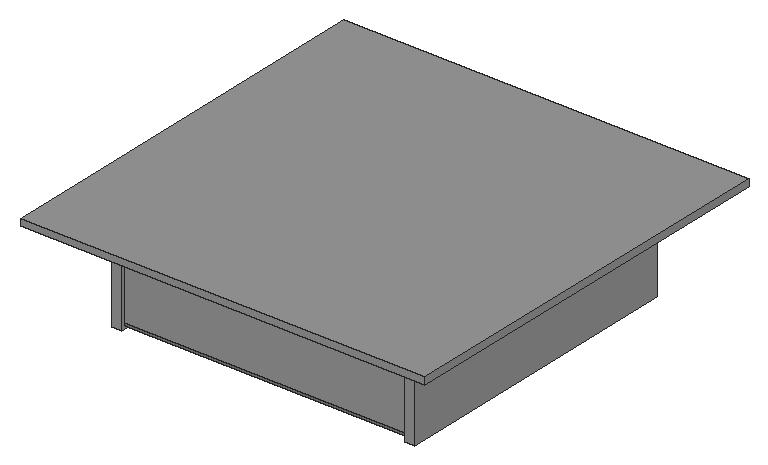
Revit family "Berica 2.0 M", category Lighting Fixtures, Revit 2020 (continued)
Definition of nested family "Light Source Berica 2.0"
  Types (4, lengths in mm): name | Photometric Web File | built-in parameter 1150142
    K 57°x90° | "BERICA 2.0 K 57°x90° [3000K 8W 230Vac].IES" | "IESNA:LM-63-2002\r\n[TEST] 20201109-1027\r\n[TESTLAB] L&L\r\n[TESTDATE] 9 Nov 2020\r\n[ISSUEDATE] 9 Nov 2020\r\n[MANUFAC] L&L\r\n[LUMCAT] BERICA 2.0 K 57°x90° [3000K 8W 230Vac]\r\n[LUMINAIRE] BERICA 2.0 K 57°x90° [3000K 8W 230Vac]\r\n[FLASHAREA] 0.000363\r\n[LAMPCAT] Midpower LED\r\n[LAMP] Midpower LED\r\nTILT=NONE\r\n16 39.44 1.0 181 73 1 2 0.020 0.075 0.000\r\n1.00 1.00 8.00\r\n0.00 1.00 2.00 3.00 4.00 5.00 6.00 7.00 8.00 9.00 10.00 \r\n11.00 12.00 13.00 14.00 15.00 16.00 17.00 18.00 19.00 \r\n20.00 21.00 22.00 23.00 24.00 25.00 26.00 27.00 28.00 \r\n29.00 30.00 31.00 32.00 33.00 34.00 35.00 36.00 37.00 \r\n38.00 39.00 40.00 41.00 42.00 43.00 44.00 45.00 46.00 \r\n47.00 48.00 49.00 50.00 51.00 52.00 53.00 54.00 55.00 \r\n56.00 57.00 58.00 59.00 60.00 61.00 62.00 63.00 64.00 \r\n65.00 66.00 67.00 68.00 69.00 70.00 71.00 72.00 73.00 \r\n74.00 75.00 76.00 77.00 78.00 79.00 80.00 81.00 82.00 \r\n83.00 84.00 85.00 86.00 87.00 88.00 89.00 90.00 91.00 \r\n92.00 93.00 94.00 95.00 96.00 97.00 98.00 99.00 100.00 \r\n101.00 102.00 103.00 104.00 105.00 106.00 107.00 108.00 \r\n109.00 110.00 111.00 112.00 113.00 114.00 115.00 116.00 \r\n117.00 118.00 119.00 120.00 121.00 122.00 123.00 124.00 \r\n125.00 126.00 127.00 128.00 129.00 130.00 131.00 132.00 \r\n133.00 134.00 135.00 136.00 137.00 138.00 139.00 140.00 \r\n141.00 142.00 143.00 144.00 145.00 146.00 147.00 148.00 \r\n149.00 150.00 151.00 152.00 153.00 154.00 155.00 156.00 \r\n157.00 158.00 159.00 160.00 161.00 162.00 163.00 164.00 \r\n165.00 166.00 167.00 168.00 169.00 170.00 171.00 172.00 \r\n173.00 174.00 175.00 176.00 177.00 178.00 179.00 180.00 \r\n0.00 5.00 10.00 15.00 20.00 25.00 30.00 35.00 40.00 45.00 \r\n50.00 55.00 60.00 65.00 70.00 75.00 80.00 85.00 90.00 \r\n95.00 100.00 105.00 110.00 115.00 120.00 125.00 130.00 \r\n135.00 140.00 145.00 150.00 155.00 160.00 165.00 170.00 \r\n175.00 180.00 185.00 190.00 195.00 200.00 205.00 210.00 \r\n215.00 220.00 225.00 230.00 235.00 240.00 245.00 250.00 \r\n255.00 260.00 265.00 270.00 275.00 280.00 285.00 290.00 \r\n295.00 300.00 305.00 310.00 315.00 320.00 325.00 330.00 \r\n335.00 340.00 345.00 350.00 355.00 360.00 \r\n190.44 190.40 190.35 190.19 189.95 189.66 189.36 188.96 \r\n188.51 187.93 187.29 186.62 185.80 184.64 183.80 182.68 \r\n181.45 180.21 178.79 177.40 175.72 174.15 172.33 170.31 \r\n168.33 166.04 163.60 161.22 158.36 155.62 152.91 149.57 \r\n146.43 142.82 139.09 135.28 131.52 127.50 123.70 119.27 \r\n115.28 110.74 106.65 102.25 97.91 93.71 89.57 85.41 81.52 \r\n77.78 73.71 70.06 66.38 63.12 59.61 56.63 53.57 50.86 \r\n48.00 45.46 43.01 40.70 38.52 36.37 34.32 32.44 30.65 \r\n28.84 27.19 25.58 23.98 22.43 20.98 19.63 18.16 16.82 \r\n15.46 14.16 12.84 11.59 10.32 9.20 7.96 6.74 5.58 4.42 \r\n3.27 2.17 1.25 0.54 0.29 0.54 1.25 2.17 3.27 4.42 5.58 \r\n6.74 7.96 9.20 10.32 11.59 12.84 14.16 15.46 16.82 18.16 \r\n19.63 20.98 22.43 23.98 25.58 27.19 28.84 30.65 32.44 \r\n34.32 36.37 38.52 40.70 43.01 45.46 48.00 50.86 53.57 \r\n56.63 59.61 63.12 66.38 70.06 73.71 77.78 81.52 85.41 \r\n89.57 93.71 97.91 102.25 106.65 110.74 115.28 119.27 \r\n123.70 127.50 131.52 135.28 139.09 142.82 146.43 149.57 \r\n152.91 155.62 158.36 161.22 163.60 166.04 168.33 170.31 \r\n172.33 174.15 175.72 177.40 178.79 180.21 181.45 182.68 \r\n183.80 184.64 185.80 186.62 187.29 187.93 188.51 188.96 \r\n189.36 189.66 189.95 190.19 190.35 190.40 190.44 \r\n190.44 190.46 190.31 190.19 190.08 189.82 189.56 189.15 \r\n188.69 188.19 187.57 186.86 185.97 185.14 184.14 183.01 \r\n181.84 180.51 179.21 177.62 176.10 174.38 172.60 170.66 \r\n168.62 166.27 163.93 161.41 158.80 155.85 152.90 149.76 \r\n146.41 143.12 139.34 135.47 131.69 127.77 123.69 119.73 \r\n115.33 111.36 106.87 102.66 98.33 94.18 90.17 86.22 82.21 \r\n78.41 74.69 71.05 67.53 64.18 60.98 57.88 54.86 52.23 \r\n49.53 46.93 44.65 42.23 40.12 38.18 36.04 34.30 32.53 \r\n30.84 29.18 27.55 26.12 24.66 23.15 21.83 20.45 19.07 \r\n17.82 16.39 15.17 13.91 12.56 11.36 10.13 8.90 7.63 6.33 \r\n5.22 4.08 2.97 2.20 1.93 2.20 2.97 4.08 5.22 6.33 7.63 \r\n8.90 10.13 11.36 12.56 13.91 15.17 16.39 17.82 19.07 \r\n20.45 21.83 23.15 24.66 26.12 27.55 29.18 30.84 32.53 \r\n34.30 36.04 38.18 40.12 42.23 44.65 46.93 49.53 52.23 \r\n54.86 57.88 60.98 64.18 67.53 71.05 74.69 78.41 82.21 \r\n86.22 90.17 94.18 98.33 102.66 106.87 111.36 115.33 \r\n119.73 123.69 127.77 131.69 135.47 139.34 143.12 146.41 \r\n149.76 152.90 155.85 158.80 161.41 163.93 166.27 168.62 \r\n170.66 172.60 174.38 176.10 177.62 179.21 180.51 181.84 \r\n183.01 184.14 185.14 185.97 186.86 187.57 188.19 188.69 \r\n189.15 189.56 189.82 190.08 190.19 190.31 190.46 190.44 \r\n190.44 190.55 190.50 190.36 190.25 189.96 189.66 189.34 \r\n188.75 188.18 187.52 186.70 185.87 184.82 183.73 182.59 \r\n181.29 179.93 178.36 176.71 174.97 173.11 171.16 169.00 \r\n166.82 164.56 161.93 159.23 156.58 153.58 150.55 147.21 \r\n144.00 140.51 136.74 132.78 129.14 125.28 121.20 117.32 \r\n113.27 109.01 104.84 100.85 96.70 92.88 88.87 85.25 81.24 \r\n77.71 74.22 70.67 67.39 64.13 61.09 58.24 55.53 52.75 \r\n50.46 47.90 45.73 43.52 41.43 39.46 37.71 35.86 34.33 \r\n32.59 31.06 29.52 28.17 26.77 25.31 24.06 22.72 21.40 \r\n20.08 18.93 17.53 16.32 15.05 13.85 12.60 11.39 10.20 \r\n9.00 7.74 6.66 5.58 4.78 4.55 4.78 5.58 6.66 7.74 9.00 \r\n10.20 11.39 12.60 13.85 15.05 16.32 17.53 18.93 20.08 \r\n21.40 22.72 24.06 25.31 26.77 28.17 29.52 31.06 32.59 \r\n34.33 35.86 37.71 39.46 41.43 43.52 45.73 47.90 50.46 \r\n52.75 55.53 58.24 61.09 64.13 67.39 70.67 74.22 77.71 \r\n81.24 85.25 88.87 92.88 96.70 100.85 104.84 109.01 113.27 \r\n117.32 121.20 125.28 129.14 132.78 136.74 140.51 144.00 \r\n147.21 150.55 153.58 156.58 159.23 161.93 164.56 166.82 \r\n169.00 171.16 173.11 174.97 176.71 178.36 179.93 181.29 \r\n182.59 183.73 184.82 185.87 186.70 187.52 188.18 188.75 \r\n189.34 189.66 189.96 190.25 190.36 190.50 190.55 190.44 \r\n190.44 190.60 190.52 190.43 190.25 190.01 189.60 189.13 \r\n188.58 187.84 187.05 186.18 185.24 184.14 182.78 181.40 \r\n179.91 178.32 176.60 174.86 172.73 170.68 168.45 166.15 \r\n163.79 161.13 158.37 155.59 152.36 149.49 146.20 142.83 \r\n139.41 135.63 131.95 128.03 124.35 120.38 116.37 112.37 \r\n108.67 104.44 100.71 96.96 93.02 89.17 85.45 82.10 78.73 \r\n75.13 72.05 68.97 65.76 63.08 60.15 57.63 54.97 52.61 \r\n50.26 48.18 45.97 44.16 42.31 40.40 38.67 37.07 35.52 \r\n34.04 32.59 31.13 29.79 28.38 27.18 25.76 24.64 23.37 \r\n22.11 20.87 19.68 18.54 17.30 16.16 15.06 13.98 12.77 \r\n11.77 10.64 9.58 8.54 7.84 7.62 7.84 8.54 9.58 10.64 \r\n11.77 12.77 13.98 15.06 16.16 17.30 18.54 19.68 20.87 \r\n22.11 23.37 24.64 25.76 27.18 28.38 29.79 31.13 32.59 \r\n34.04 35.52 37.07 38.67 40.40 42.31 44.16 45.97 48.18 \r\n50.26 52.61 54.97 57.63 60.15 63.08 65.76 68.97 72.05 \r\n75.13 78.73 82.10 85.45 89.17 93.02 96.96 100.71 104.44 \r\n108.67 112.37 116.37 120.38 124.35 128.03 131.95 135.63 \r\n139.41 142.83 146.20 149.49 152.36 155.59 158.37 161.13 \r\n163.79 166.15 168.45 170.68 172.73 174.86 176.60 178.32 \r\n179.91 181.40 182.78 184.14 185.24 186.18 187.05 187.84 \r\n188.58 189.13 189.60 190.01 190.25 190.43 190.52 190.60 \r\n190.44 \r\n190.44 190.59 190.57 190.40 190.13 189.88 189.39 188.82 \r\n188.08 187.23 186.25 185.19 184.06 182.64 181.19 179.63 \r\n177.83 175.85 173.76 171.79 169.55 167.11 164.70 162.02 \r\n159.22 156.60 153.17 150.07 146.79 143.40 140.02 136.52 \r\n132.83 129.44 125.46 121.72 117.98 113.97 110.40 106.45 \r\n102.77 99.28 95.33 91.80 88.57 84.93 81.66 78.41 75.32 \r\n72.38 69.51 66.74 64.11 61.33 58.98 56.72 54.35 52.19 \r\n49.98 48.01 46.21 44.35 42.66 41.07 39.39 37.96 36.35 \r\n34.94 33.69 32.25 30.97 29.75 28.40 27.28 26.13 24.93 \r\n23.82 22.64 21.62 20.51 19.43 18.41 17.45 16.46 15.50 \r\n14.40 13.45 12.54 11.68 11.11 10.88 11.11 11.68 12.54 \r\n13.45 14.40 15.50 16.46 17.45 18.41 19.43 20.51 21.62 \r\n22.64 23.82 24.93 26.13 27.28 28.40 29.75 30.97 32.25 \r\n33.69 34.94 36.35 37.96 39.39 41.07 42.66 44.35 46.21 \r\n48.01 49.98 52.19 54.35 56.72 58.98 61.33 64.11 66.74 \r\n69.51 72.38 75.32 78.41 81.66 84.93 88.57 91.80 95.33 \r\n99.28 102.77 106.45 110.40 113.97 117.98 121.72 125.46 \r\n129.44 132.83 136.52 140.02 143.40 146.79 150.07 153.17 \r\n156.60 159.22 162.02 164.70 167.11 169.55 171.79 173.76 \r\n175.85 177.83 179.63 181.19 182.64 184.06 185.19 186.25 \r\n187.23 188.08 188.82 189.39 189.88 190.13 190.40 190.57 \r\n190.59 190.44 \r\n190.44 190.67 190.59 190.42 190.15 189.71 189.19 188.48 \r\n187.56 186.52 185.36 184.09 182.53 181.11 179.16 177.34 \r\n175.28 173.07 170.61 168.19 165.69 162.92 160.02 156.94 \r\n153.94 150.73 147.59 143.98 140.61 137.02 133.67 129.83 \r\n126.67 122.77 119.19 115.40 111.65 108.20 104.40 100.90 \r\n97.47 94.18 90.77 87.72 84.21 81.49 78.22 75.50 72.68 \r\n69.92 67.37 64.90 62.50 60.24 58.15 55.78 53.85 51.77 \r\n50.02 48.00 46.35 44.61 43.02 41.45 40.03 38.62 37.21 \r\n35.89 34.50 33.26 32.02 30.91 29.73 28.72 27.58 26.57 \r\n25.57 24.73 23.65 22.84 21.89 21.01 20.21 19.23 18.36 \r\n17.50 16.62 15.78 15.10 14.58 14.45 14.58 15.10 15.78 \r\n16.62 17.50 18.36 19.23 20.21 21.01 21.89 22.84 23.65 \r\n24.73 25.57 26.57 27.58 28.72 29.73 30.91 32.02 33.26 \r\n34.50 35.89 37.21 38.62 40.03 41.45 43.02 44.61 46.35 \r\n48.00 50.02 51.77 53.85 55.78 58.15 60.24 62.50 64.90 \r\n67.37 69.92 72.68 75.50 78.22 81.49 84.21 87.72 90.77 \r\n94.18 97.47 100.90 104.40 108.20 111.65 115.40 119.19 \r\n122.77 126.67 129.83 133.67 137.02 140.61 143.98 147.59 \r\n150.73 153.94 156.94 160.02 162.92 165.69 168.19 170.61 \r\n173.07 175.28 177.34 179.16 181.11 182.53 184.09 185.36 \r\n186.52 187.56 188.48 189.19 189.71 190.15 190.42 190.59 \r\n190.67 190.44 \r\n190.44 190.55 190.54 190.29 189.96 189.42 188.68 187.78 \r\n186.80 185.54 184.07 182.58 180.69 178.84 176.67 174.44 \r\n172.07 169.58 166.84 163.94 161.04 157.80 154.87 151.48 \r\n148.28 144.80 141.49 137.95 134.36 130.84 127.43 123.83 \r\n120.32 116.77 113.29 109.73 106.35 102.92 99.50 96.31 \r\n93.01 90.20 87.12 84.08 81.22 78.38 75.87 73.25 70.67 \r\n68.33 66.02 63.74 61.59 59.41 57.39 55.49 53.58 51.83 \r\n49.94 48.33 46.71 45.07 43.50 42.07 40.68 39.38 38.05 \r\n36.82 35.57 34.45 33.34 32.33 31.22 30.35 29.48 28.61 \r\n27.82 26.99 26.11 25.40 24.57 23.75 22.94 22.12 21.44 \r\n20.65 19.85 19.17 18.54 18.07 17.99 18.07 18.54 19.17 \r\n19.85 20.65 21.44 22.12 22.94 23.75 24.57 25.40 26.11 \r\n26.99 27.82 28.61 29.48 30.35 31.22 32.33 33.34 34.45 \r\n35.57 36.82 38.05 39.38 40.68 42.07 43.50 45.07 46.71 \r\n48.33 49.94 51.83 53.58 55.49 57.39 59.41 61.59 63.74 \r\n66.02 68.33 70.67 73.25 75.87 78.38 81.22 84.08 87.12 \r\n90.20 93.01 96.31 99.50 102.92 106.35 109.73 113.29 \r\n116.77 120.32 123.83 127.43 130.84 134.36 137.95 141.49 \r\n144.80 148.28 151.48 154.87 157.80 161.04 163.94 166.84 \r\n169.58 172.07 174.44 176.67 178.84 180.69 182.58 184.07 \r\n185.54 186.80 187.78 188.68 189.42 189.96 190.29 190.54 \r\n190.55 190.44 \r\n190.44 190.65 190.66 190.33 189.85 189.14 188.32 187.31 \r\n186.02 184.49 182.82 180.91 178.90 176.68 174.14 171.48 \r\n168.83 165.74 162.73 159.64 156.37 153.14 149.66 146.51 \r\n142.80 139.48 136.13 132.33 128.90 125.41 122.12 118.77 \r\n115.43 112.00 108.73 105.42 102.32 98.89 95.89 93.09 \r\n90.14 87.31 84.45 81.78 79.34 76.63 74.24 71.96 69.57 \r\n67.59 65.20 63.32 61.26 59.33 57.35 55.63 53.80 52.19 \r\n50.59 48.86 47.32 45.75 44.50 43.02 41.77 40.50 39.31 \r\n38.23 37.13 36.13 35.10 34.26 33.39 32.71 31.82 31.18 \r\n30.38 29.68 28.96 28.16 27.44 26.73 26.11 25.39 24.68 \r\n23.94 23.37 22.63 22.19 21.74 21.55 21.74 22.19 22.63 \r\n23.37 23.94 24.68 25.39 26.11 26.73 27.44 28.16 28.96 \r\n29.68 30.38 31.18 31.82 32.71 33.39 34.26 35.10 36.13 \r\n37.13 38.23 39.31 40.50 41.77 43.02 44.50 45.75 47.32 \r\n48.86 50.59 52.19 53.80 55.63 57.35 59.33 61.26 63.32 \r\n65.20 67.59 69.57 71.96 74.24 76.63 79.34 81.78 84.45 \r\n87.31 90.14 93.09 95.89 98.89 102.32 105.42 108.73 112.00 \r\n115.43 118.77 122.12 125.41 128.90 132.33 136.13 139.48 \r\n142.80 146.51 149.66 153.14 156.37 159.64 162.73 165.74 \r\n168.83 171.48 174.14 176.68 178.90 180.91 182.82 184.49 \r\n186.02 187.31 188.32 189.14 189.85 190.33 190.66 190.65 \r\n190.44 \r\n190.44 190.60 190.51 190.19 189.64 188.77 187.79 186.43 \r\n185.02 183.27 181.18 179.12 176.71 174.08 171.34 168.42 \r\n165.31 161.89 158.67 155.39 151.64 148.20 145.12 141.46 \r\n138.01 134.58 130.86 127.75 124.03 120.70 117.81 114.55 \r\n111.46 108.18 105.19 102.21 99.16 96.32 93.53 90.64 88.08 \r\n85.33 82.90 80.36 78.03 75.63 73.61 71.21 69.24 67.14 \r\n65.20 63.32 61.32 59.53 57.86 56.19 54.51 52.86 51.29 \r\n49.94 48.50 47.10 45.69 44.49 43.27 42.20 41.02 40.04 \r\n39.11 38.23 37.46 36.60 35.96 35.23 34.55 33.88 33.27 \r\n32.48 31.92 31.21 30.59 29.93 29.32 28.65 28.01 27.43 \r\n26.77 26.31 25.77 25.36 25.13 25.36 25.77 26.31 26.77 \r\n27.43 28.01 28.65 29.32 29.93 30.59 31.21 31.92 32.48 \r\n33.27 33.88 34.55 35.23 35.96 36.60 37.46 38.23 39.11 \r\n40.04 41.02 42.20 43.27 44.49 45.69 47.10 48.50 49.94 \r\n51.29 52.86 54.51 56.19 57.86 59.53 61.32 63.32 65.20 \r\n67.14 69.24 71.21 73.61 75.63 78.03 80.36 82.90 85.33 \r\n88.08 90.64 93.53 96.32 99.16 102.21 105.19 108.18 111.46 \r\n114.55 117.81 120.70 124.03 127.75 130.86 134.58 138.01 \r\n141.46 145.12 148.20 151.64 155.39 158.67 161.89 165.31 \r\n168.42 171.34 174.08 176.71 179.12 181.18 183.27 185.02 \r\n186.43 187.79 188.77 189.64 190.19 190.51 190.60 190.44 \r\n190.44 190.65 190.53 190.13 189.38 188.53 187.21 185.72 \r\n184.09 181.97 179.64 177.30 174.52 171.86 168.28 165.19 \r\n161.72 158.24 154.89 151.25 147.69 144.26 140.87 137.14 \r\n133.91 130.24 127.17 123.64 120.48 117.24 114.30 111.38 \r\n108.54 105.36 102.71 99.96 97.04 94.39 91.70 89.39 86.79 \r\n84.36 81.97 79.68 77.39 75.35 73.12 71.21 69.13 67.25 \r\n65.46 63.67 62.02 60.19 58.60 56.97 55.48 54.05 52.64 \r\n51.31 49.95 48.73 47.51 46.45 45.25 44.19 43.31 42.42 \r\n41.62 40.85 40.14 39.50 38.80 38.13 37.49 36.89 36.32 \r\n35.71 35.07 34.48 33.85 33.24 32.64 32.09 31.53 30.94 \r\n30.34 29.83 29.34 28.99 28.86 28.99 29.34 29.83 30.34 \r\n30.94 31.53 32.09 32.64 33.24 33.85 34.48 35.07 35.71 \r\n36.32 36.89 37.49 38.13 38.80 39.50 40.14 40.85 41.62 \r\n42.42 43.31 44.19 45.25 46.45 47.51 48.73 49.95 51.31 \r\n52.64 54.05 55.48 56.97 58.60 60.19 62.02 63.67 65.46 \r\n67.25 69.13 71.21 73.12 75.35 77.39 79.68 81.97 84.36 \r\n86.79 89.39 91.70 94.39 97.04 99.96 102.71 105.36 108.54 \r\n111.38 114.30 117.24 120.48 123.64 127.17 130.24 133.91 \r\n137.14 140.87 144.26 147.69 151.25 154.89 158.24 161.72 \r\n165.19 168.28 171.86 174.52 177.30 179.64 181.97 184.09 \r\n185.72 187.21 188.53 189.38 190.13 190.53 190.65 190.44 \r\n190.44 190.66 190.48 189.95 189.14 188.01 186.64 184.90 \r\n182.99 180.65 178.17 175.41 172.55 169.13 165.75 162.15 \r\n158.53 155.04 151.29 147.72 144.01 140.50 137.08 133.65 \r\n130.22 126.81 123.84 120.60 117.48 114.56 111.92 109.18 \r\n106.21 103.56 100.85 98.28 95.73 93.05 90.69 88.43 86.07 \r\n83.87 81.52 79.38 77.37 75.28 73.24 71.44 69.51 67.77 \r\n66.14 64.41 62.82 61.18 59.68 58.18 56.82 55.49 54.18 \r\n52.95 51.82 50.65 49.54 48.49 47.47 46.68 45.84 45.15 \r\n44.48 43.78 43.04 42.43 41.84 41.16 40.61 40.01 39.50 \r\n38.84 38.29 37.70 37.16 36.53 36.02 35.35 34.79 34.27 \r\n33.67 33.26 32.81 32.44 32.29 32.44 32.81 33.26 33.67 \r\n34.27 34.79 35.35 36.02 36.53 37.16 37.70 38.29 38.84 \r\n39.50 40.01 40.61 41.16 41.84 42.43 43.04 43.78 44.48 \r\n45.15 45.84 46.68 47.47 48.49 49.54 50.65 51.82 52.95 \r\n54.18 55.49 56.82 58.18 59.68 61.18 62.82 64.41 66.14 \r\n67.77 69.51 71.44 73.24 75.28 77.37 79.38 81.52 83.87 \r\n86.07 88.43 90.69 93.05 95.73 98.28 100.85 103.56 106.21 \r\n109.18 111.92 114.56 117.48 120.60 123.84 126.81 130.22 \r\n133.65 137.08 140.50 144.01 147.72 151.29 155.04 158.53 \r\n162.15 165.75 169.13 172.55 175.41 178.17 180.65 182.99 \r\n184.90 186.64 188.01 189.14 189.95 190.48 190.66 190.44 \r\n190.44 190.64 190.41 189.82 188.89 187.66 186.05 184.14 \r\n182.00 179.52 176.65 173.79 170.26 167.02 163.03 159.58 \r\n155.92 151.90 148.52 144.80 140.90 137.47 133.90 130.71 \r\n127.44 124.38 121.29 118.24 115.46 112.60 110.11 107.35 \r\n104.95 102.48 99.74 97.28 94.90 92.62 90.20 87.97 85.70 \r\n83.62 81.42 79.52 77.32 75.49 73.66 71.92 70.16 68.51 \r\n66.92 65.32 63.87 62.26 61.01 59.60 58.37 57.13 56.04 \r\n54.88 53.82 52.67 51.76 50.84 50.11 49.41 48.72 48.04 \r\n47.39 46.78 46.13 45.55 44.87 44.37 43.78 43.24 42.57 \r\n42.07 41.50 40.95 40.37 39.76 39.22 38.56 38.05 37.48 \r\n3
